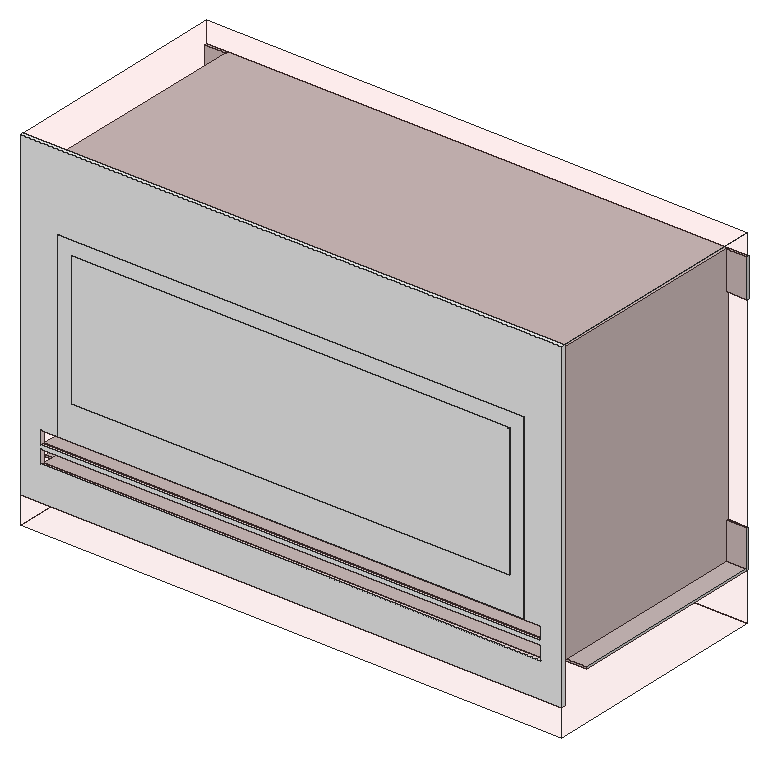
Revit family "Air-Curtain_Customer-Entry_PoweredAire_ECC-E", category Mechanical Equipment, host Face, Revit 2022
Family settings
  Host = Face
  Round Connector Dimension = Use Diameter
  Part Type = Normal
  OmniClass Number = 23.75.35.17.21
  OmniClass Title = Air Curtains
  Cut with Voids When Loaded = No
  Maintain Annotation Orientation = No
  Shared = No
  Room Calculation Point = No
Parameters
  Warranty Duration (Years) = 0
  Unit Width Notes = "Other Widths available."  # constant formula
  Unit Width = 3' - 3"
  Unit Weight = 0
  Unit Height = 1' - 4 3/4"
  Unit Depth = 1' - 11 1/4"
  URL = "http://www.poweredaire.com/"
  Test Data = ""
  Temperature Rise_Range = "as Specified"
  Standards Conformance = "as Specified"
  Specification = "http://www.arcat.com/sdspecs/htm04/23_34_33pai.htm"
  SpecWizard = ""
  Sound Pressure = "as Specified"
  Sales Information = "http://www.poweredaire.com/contact_us"
  Revision = "R1_2016-08"
  Projection from Host [instance] = 0' - 2"
  Product Properties = ""
  Product Data = "http://www.arcat.com/arcatcos/cos47/arc47623.html"
  Power Rating = 0 W
  Outlet Volume_Range = "as Specified"
  Outlet Velocity_Range = "as Specified"
  Nozzle Width = if(1 = 1, Unit Width - 0' 3", 0' 0")  # 3' - 0"
  Mounting Width = if(1 = 1, Unit Width - 0' 1 1/2", 0' 0")  # 3' - 1 1/2"
  Mounting Height [instance] = 3' - 6"
  Motor RPM = 0
  Motor HP = 0
  Motor Count = 0
  Model = "As Specified"
  Max Height = 0' - 0"
  Manufacturer Website = "http://www.poweredaire.com/"
  Manufacturer Phone - Toll Free = "888-321-2473"
  Manufacturer Phone = "724-588-3305"
  Manufacturer Fax = "724-588-3371"
  Manufacturer Address = "109 Mortensen Rd.  Greenville, PA 16125"
  Manufacturer = "Powered Aire, Inc"
  Maintenance Schedule (Months) = 0
  Keynote = "23 34 33"
  Installation-Fabrication = ""
  Installation Phase = ""
  Include Clearance [instance] = yes
  Heating Element Load = 0 W
  HVAC_Temperature Rise [instance] = 0 °F
  HVAC_Outlet Volume [instance] = 0 CFM
  HVAC_Outlet Velocity Uniformity = 0
  HVAC_Outlet Velocity [instance] = 0 FPM
  Green Building-LEED = "http://www.arcat.com/green/clients/leed_data_47623.html"
  Front Grating Material [instance] = Metal - Steel - PoweredAire - White Perforated
  Frame Finish [instance] = Metal - Steel - PoweredAire - Stainless 304
  Expected Lifespan (Years) = 0
  Electrical_Wattage [instance] = Power Rating + Heating Element Load  # 0 W
  Electrical_Voltage [instance] = 0 V
  Electrical_Phase [instance] = 1
  Electrical_Frequency [instance] = 0 Hz
  Electrical_Amperage [instance] = 0 A
  Drawn By = "Sumex Design, Inc. / Robert S. Weygant, CSI, CDT, SCIP"
  Description = "Powered Aire Air Curtain as Specified"
  Default Elevation = 0' - 0"  # constant formula
  Cover Finish [instance] = Metal - Steel - PoweredAire - White
  Copyright = "©Arcat Inc."
  Construction Details = "http://www.arcat.com/details/powair/prod3336.html"
  Clearance_Top [instance] = 0' - 0"
  Clearance_Side B [instance] = 0' - 0"
  Clearance_Side A [instance] = 0' - 0"
  Clearance_Intake [instance] = 0' - 0"
  Clearance_Front [instance] = 0' - 0"
  Clearance Material [instance] = ARCAT Clearance
  Building Codes = ""
  Available Options [instance] = "as Specified"
  Assembly Code = "D3090400"
Reference planes (in)
  plane 1 "Center (Elevation)": y = 8.51318
  plane 2: z = 0
  plane 3 "Center (Left/Right)": x = 0
  plane 4: y = 16.88818
  plane 5: y = 0.13818
  plane 6: x = -19.5
  plane 7: x = 19.5
  plane 8: z = 25.25
  plane 9 "FF": y = -41.86182
  plane 10: z = 2
  plane 11: x = 18
  plane 12: x = -18
  plane 13: y = 16.88818
  plane 14: y = 0.13818
  plane 15: x = -19.5
  plane 16: x = 19.5
  plane 17: z = 25.25
  plane 18: y = 0.38818
Forms (in)
  Extrusion 1, solid, material "ARCAT Clearance" <- "Clearance Material", visible <- "Include Clearance"
    sketch origin (0, 0, 0) x (0, 1, 0) y (0, 0, 1)
      loop
        line (0.13818, 25.25) -> (0.13818, 0) -> (16.88818, 0) -> (16.88818, 25.25) -> (0.13818, 25.25)
    from -19.5 to 19.5
  Extrusion 2, solid, material "Metal - Steel - PoweredAire - White" <- "Cover Finish"
    sketch origin (0, 8.51318, 0) x (1, 0, 0) y (0, 0, 1)
      loop
        line (-19.5, 25.25) -> (-19.5, 2) -> (19.5, 2) -> (19.5, 25.25) -> (-19.5, 25.25)
    from 8.125 to 8.375
  Extrusion 3, solid, material "Metal - Steel - PoweredAire - Stainless 304" <- "Frame Finish"
    sketch origin (0, 8.51318, 0) x (1, 0, 0) y (0, 0, 1)
      loop
        line (18, 23.75) -> (-18, 23.75) -> (-18, 3.5) -> (18, 3.5) -> (18, 23.75)
    from -8.375 to 8.125
  Extrusion 4, void
    sketch origin (0, 0, 0) x (0, 1, 0) y (0, 0, 1)
      loop
        line (0.13818, 5.5) -> (0.13818, 4.5) -> (1.88818, 4.5) -> (1.88818, 6.75) -> (0.13818, 6.75) -> (0.13818, 5.75) -> (1.63818, 5.75) -> (1.63818, 5.5) -> (0.13818, 5.5)
    from -18 to 18
  Extrusion 5, solid, material "Metal - Steel - PoweredAire - White" <- "Cover Finish"
    sketch origin (-11.83813, 0.13818, 48) x (-1, 0, 0) y (0, 0, 1)
      loop
        line (4.91187, -41.25) -> (4.91187, -28.25) -> (-28.58813, -28.25) -> (-28.58813, -41.25) -> (4.91187, -41.25)
    from 0 to -0.03125
  Extrusion 6, solid, material "Metal - Steel - PoweredAire - White Perforated" <- "Front Grating Material"
    sketch origin (-11.83813, 0.10693, 48) x (1, 0, 0) y (0, 0, 1)
      loop
        line (-3.91187, -29.25) -> (-3.91187, -38.75) -> (27.58813, -38.75) -> (27.58813, -29.25) -> (-3.91187, -29.25)
    from 0 to 0.03125
  Extrusion 7, solid, material "Metal - Steel - PoweredAire - Stainless 304" <- "Frame Finish"
    sketch origin (-15.17702, -180, 2) x (-1, 0, 0) y (0, -1, 0)
      loop
        line (-33.17702, -196.88818) -> (-33.17702, -182.38818) -> (-34.67702, -182.38818) -> (-34.67702, -196.88818) -> (-33.17702, -196.88818)
      loop
        line (2.82298, -196.88818) -> (4.32298, -196.88818) -> (4.32298, -182.38818) -> (2.82298, -182.38818) -> (2.82298, -196.88818)
    from 1.5 to 1.625
  Extrusion 8, solid, material "Metal - Steel - PoweredAire - Stainless 304" <- "Frame Finish"
    sketch origin (-11.83813, 16.88818, 48) x (-1, 0, 0) y (0, 0, 1)
      loop
        line (7.66187, -44.5) -> (7.66187, -41.75) -> (6.16187, -41.75) -> (6.16187, -44.5) -> (7.66187, -44.5)
      loop
        line (-31.33813, -44.5) -> (-29.83813, -44.5) -> (-29.83813, -41.75) -> (-31.33813, -41.75) -> (-31.33813, -44.5)
      loop
        line (7.66187, -27) -> (7.66187, -24.25) -> (6.16187, -24.25) -> (6.16187, -27) -> (7.66187, -27)
      loop
        line (-31.33813, -27) -> (-29.83813, -27) -> (-29.83813, -24.25) -> (-31.33813, -24.25) -> (-31.33813, -27)
    from 0 to -0.125
Cuts and joins
  Extrusion 4 cuts Extrusion 2
  Extrusion 4 cuts Extrusion 3
Dimensions and locks (in)
  equal spacing: plane 4, plane 1 "Center (Elevation)", plane 5
  "Unit Height": plane 4 to plane 5
  equal spacing: plane 6, plane 3 "Center (Left/Right)", plane 7
  "Unit Width": plane 6 to plane 7
  "Mounting Height": plane 5 to plane 9 "FF"
  "Projection from Host": plane 10 to level
  "Unit Depth": plane 8 to plane 10
  locked: plane 6 to plane 12 at 1.5
  locked: plane 11 to plane 7 at 1.5
  "Clearance_Side A": plane 7 to plane 16
  "Clearance_Side B": plane 15 to plane 6
  "Clearance_Top": plane 13 to plane 4
  "Clearance_Intake": plane 5 to plane 14
  "Clearance_Front": plane 17 to plane 8
  locked: plane 8 to Extrusion 3 sketch curve at 1.5
  locked: Extrusion 3 sketch curve to plane 10 at 1.5
  locked: plane 7 to Extrusion 3 sketch curve at 1.5
  locked: Extrusion 3 sketch curve to plane 6 at 1.5
  locked: plane 18 to plane 5 at 0.25
  Extrusion 4 sketch curve to Extrusion 4 sketch curve to Extrusion 4 sketch curve to Extrusion 4 sketch curve to plane 10 = 0' - 1" locked, 0' - 0 1/4" locked, 0' - 1" locked, 0' - 2 1/2" locked
  Extrusion 5 sketch curve to Extrusion 5 sketch curve to plane 10 = 1' - 1" locked, 0' - 4 3/4" locked
  locked: plane 11 to Extrusion 5 sketch curve at 1.25
  locked: Extrusion 5 sketch curve to plane 12 at 1.25
  Extrusion 6 sketch curve to Extrusion 6 sketch curve to plane 10 = 0' - 9 1/2" locked, 0' - 7 1/4" locked
  locked: Extrusion 6 sketch curve to plane 12 at 2.25
  locked: plane 11 to Extrusion 6 sketch curve at 2.25
  locked: plane 4 to Extrusion 7 sketch curve at 14.5  (x2)
  Extrusion 8 sketch curve to Extrusion 8 sketch curve to Extrusion 8 sketch curve to Extrusion 8 sketch curve to plane 10 = 0' - 2 3/4" locked, 1' - 2 3/4" locked, 0' - 2 3/4" locked, 0' - 1 1/2" locked  (x2)
  aligned and locked: plane 2 to host face
  aligned and locked: level to host face
  aligned and locked: Extrusion 1 sketch curve to plane 17
  aligned and locked: plane 14 to Extrusion 1 sketch curve
  aligned and locked: level to Extrusion 1 sketch curve
  aligned and locked: Extrusion 1 sketch curve to plane 13
  aligned and locked: plane 16 to Extrusion 1
  aligned and locked: Extrusion 1 to plane 15
  aligned and locked: Extrusion 2 sketch curve to plane 8
  aligned and locked: plane 6 to Extrusion 2 sketch curve
  aligned and locked: Extrusion 2 sketch curve to plane 10
  aligned and locked: Extrusion 2 sketch curve to plane 7
  aligned and locked: Extrusion 3 to plane 4
  aligned and locked: Extrusion 3 to plane 18
  aligned and locked: Extrusion 2 to plane 18
  aligned and locked: Extrusion 2 to plane 5
  aligned and locked: plane 11 to Extrusion 4
  aligned and locked: Extrusion 4 to plane 12
  aligned and locked: Extrusion 7 sketch curve to plane 4  (x2)
Automatic sketch dimensions
  host sketch curve to host sketch curve = 8' - 0"  (x2)
  Extrusion 4 sketch curve to plane 5 = 0' - 0"  (x2)
  plane 18 to Extrusion 4 sketch curve = 0' - 1 1/4"
  Extrusion 4 sketch curve to Extrusion 4 sketch curve = 0' - 0 1/4"
  Extrusion 7 sketch curve to plane 7 = 0' - 0"
  Extrusion 7 sketch curve to plane 11 = 0' - 0"
  Extrusion 7 sketch curve to plane 12 = 0' - 0"
  Extrusion 7 sketch curve to plane 6 = 0' - 0"
  Extrusion 8 sketch curve to plane 7 = 0' - 0"  (x2)
  Extrusion 8 sketch curve to plane 11 = 0' - 0"  (x2)
  Extrusion 8 sketch curve to plane 12 = 0' - 0"  (x2)
  Extrusion 8 sketch curve to plane 6 = 0' - 0"  (x2)
Connectors (in)
  electrical at (-18, 4.88818, 9.625), driven by "Electrical_Voltage", driven by "Electrical_Phase"
    settings: on cut or joined group of Extrusion 3, Extrusion 4, index 1, voltage 0 V, apparent load 0 VA, apparent load phase1 0 VA, apparent load phase2 0 VA, apparent load phase3 0 VA, power factor 1, load classification "Other", number of poles 1, system type 31, power factor state 1, is connector primary yes, connector utility no, sub classification motor no, connector description ""
